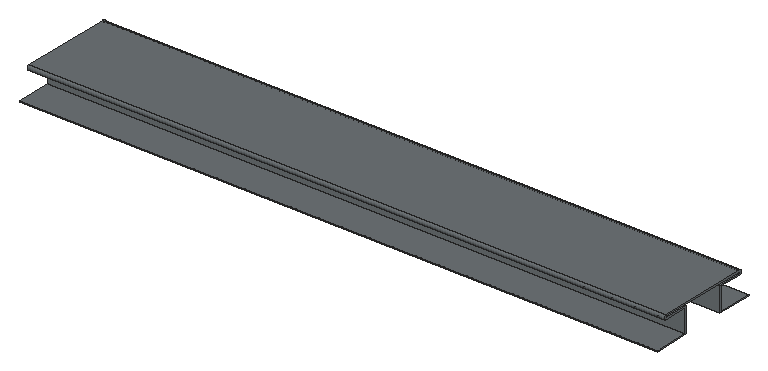
Revit family "BIMLIB_ПланкаНОбразнаяСтыковочнаяСложная_GRANDLINE", category Обобщенные модели, Revit 2017
Family settings
  Может служить основой для арматурных стержней = Нет
  Размер круглого соединителя = Использовать диаметр
  Тип детали = Нормальный
  При загрузке вырезать с полостями = Нет
  Общий = Нет
  Точка расчета площади = Нет
Parameters (values of type "Планка Н-образная")
  Смещение от плоскости [instance] = 0 mm
  Описание = ADSK_Наименование  # "Планка Н-образная (стыковочная сложная)"
  Изготовитель = "Grand Line"  # constant formula
  built-in parameter 1001306 [instance] = 500 mm
  Watermark [instance] = "Модели защищены уникальным кодом"
  URL = "https://www.grandline.ru"
  BL_Разработано = "support@bimlib.pro"
  BL_Email = "info@grandline.ru"
  BL_BIM library = "https://bimlib.pro/manufacturer/company/22430"
  ADSK_Размер_Длина [instance] = [built-in parameter 1001306]  # 500 mm
  ADSK_Обозначение = "ГОСТ 19904-90, ГОСТ 14918-80"
  ADSK_Наименование = "Планка Н-образная (стыковочная сложная)"
  ADSK_Материал тип подсчета = 1  # constant formula
  ADSK_Материал = GL_Drap_RAL7016
  ADSK_Масса_Текст [instance] = ""
  ADSK_Масса [instance] = 0
  ADSK_Марка = ""
  ADSK_Количество [instance] = if(ADSK_Материал тип подсчета = 0, 1, if(ADSK_Материал тип подсчета = 1, ADSK_Размер_Длина / 1000 mm, 0))  # 0.5
  ADSK_Код изделия = "M011.046"  # constant formula
  ADSK_Завод-изготовитель = "Grand Line"  # constant formula
  ADSK_Единица измерения = "м"  # constant formula
  ADSK_Группирование = "Доборные элементы"  # constant formula
  ADSK_Версия Revit = "2017"  # constant formula
  ADSK_URL страницы изделия = "https://www.grandline.ru/planka-n-obraznaya-0-5-greencoat-pural-matt-rr-11-temno-zelenyy-ral-6020-khromovaya-zelen-218621.html"
  ADSK_URL документации изделия = "https://www.grandline.ru/uploads/files/chertezhi_vse/dobornye_elementy/de_saiyding_fasad/Planka_N_obraznaia_stykovochnaia_slozhnaia.jpg"
Reference planes
  plane 1 "По центру (Вперед/Назад)": y = 0
  plane 2: z = 0
  plane 3 "Слева": x = 0
  plane 4 "Справа": x = 500
Forms (mm)
  Sweep 1, solid, material "GL_Drap_RAL7016" <- "ADSK_Материал"
    path in 3D
      loop
        line (0, 0, 0) -> (500, 0, 0)
    profile "Профиль_ПланкаНОбразнаяСтыковочнаяСложная : Профиль" origin (250, 0, 0) x (0, 1, 0) y (0, 0, 1)
      loop
        line (-44.5, 0.8) -> (-44.5, 0) -> (-16.7, 0) -> (-16.7, 19.6) -> (-36, 19.6)
        arc (-36, 19.6) -> (-36.7, 20.3) -> (-36, 21) r 0.7
        line (-36, 21) -> (36, 21)
        arc (36, 21) -> (36.7, 20.3) -> (36, 19.6) r 0.7
        line (36, 19.6) -> (16.7, 19.6) -> (16.7, 0) -> (44.5, 0) -> (44.5, 0.8) -> (17.5, 0.8) -> (17.5, 18.8) -> (36, 18.8)
        arc (36, 18.8) -> (37.5, 20.3) -> (36, 21.8) r 1.5
        line (36, 21.8) -> (-36, 21.8)
        arc (-36, 21.8) -> (-37.5, 20.3) -> (-36, 18.8) r 1.5
        line (-36, 18.8) -> (-17.5, 18.8) -> (-17.5, 0.8) -> (-44.5, 0.8)
Lines and regions (mm)
  reference lines
    curve 1: line (0, 0, 0) -> (500, 0, 0)
  sketch lines
    curve 2: line (0, 0, 0) -> (500, 0, 0)
Dimensions and locks
  "built-in parameter 1001306": plane 3 "Слева" to plane 4 "Справа"
  aligned and locked: plane 4 "Справа" to curve 1
  aligned and locked: plane 1 "По центру (Вперед/Назад)" to curve 1
  aligned and locked: plane 3 "Слева" to curve 1
  aligned and locked: level to plane 2
